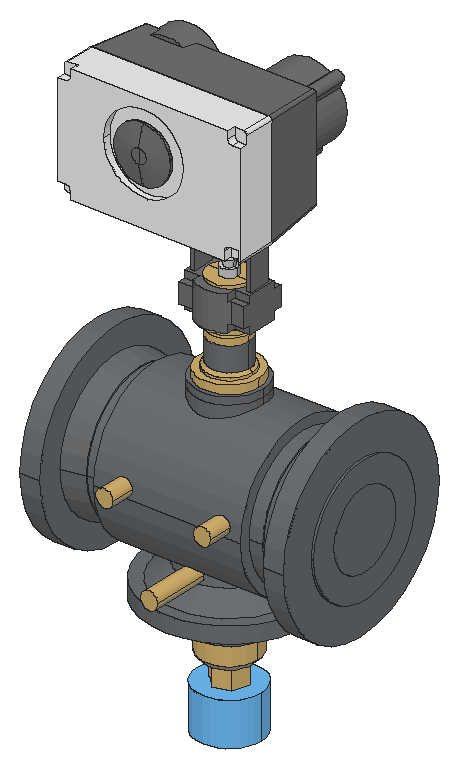
Revit family "AB-QM_DN50-100_AMV(E) 25 SD(SU)_RFA_1", category Pipe Accessories, Revit 2019
Family settings
  Round Connector Dimension = Use Diameter
  Part Type = Valve - Breaks Into
  OmniClass Number = 23.65.55.14.17
  OmniClass Title = Adjusting/Controlling Valves for Liquid Services
  Work Plane-Based = No
  Always vertical = Yes
  Cut with Voids When Loaded = No
  Shared = No
Parameters (values of type "AB-QM_DN50_003Z0772")
  ang2D [instance] = 0.00°
  Z5 = 38.4 mm
  Z4 = 84.7 mm
  Z3 = 89.1 mm
  Z2 = 52.3 mm
  Z1 = 78.7 mm
  YMAX = 82.5 mm
  Weight = 14.20 kg
  W2D = 50 mm
  W1 = if(DN < 65 mm, R1, RB10)  # 82.5 mm
  W = if(DN < 65 mm, (W1 + TP2_H), (W1 + RB10))  # 167.5 mm
  Voltage = if(or(Actuator Type = [082H3037], Actuator Type = [082H3040]), 230 V, 24 V)  # 24 V
  Valve Body Material = Danfoss Grey Iron
  URL = "https://store.danfoss.com/en/Climate-Solutions-for-heating/Hydronic-Balancing-and-Control/Pressure-independent-balancing-and-control/AB-QM/AB-QM-Valves/c/6990?q=%3Arelevance%3Adanfoss_producttypehierarchydesc%3A64b9d8b4eb1386042d41cb0d6519f866d976fa12%3Adanfoss_a50461501115_fts%3ATA1_1501116%3Adanfoss_a1389412863%3ATA16_425431%3Adanfoss_a1389412863%3ATA15_425430%3Adanfoss_a1389412863%3ATA14_425429%3Adanfoss_a1389412863%3ATA6_425421&text="
  TP_c1 = 7.5 mm
  TP_c = 57.2 mm
  TP_b = 38 mm
  TP_a = 45 mm
  TP_L = 106 mm
  TP_H = 10 mm
  TP_D = 14.6 mm
  TP_BIG = if(DN > 50 mm, 1 = 1, 1 = 0)  # no
  TP_50 = if(DN = 50 mm, 1 = 1, 1 = 0)  # yes
  TP2_W = 10 mm
  TP2_L = 20 mm
  TP2_H_1 = 1 mm
  TP2_H = 85 mm
  TP2_D = 10 mm
  TP2 = 80 mm
  TP BIG_350 = and(LOD 350, TP_BIG)  # no
  TP BIG_200 = and(LOD 200, TP_BIG)  # no
  TD = R1 * 2  # 165 mm
  Stroke = "10 mm"
  Setting Range = "40-100%"  # constant formula
  RV4 = 53.6 mm
  RV3 = 57.8 mm
  RV2 = 61.9 mm
  RV1_1 = 66 mm
  RV1 = 1 mm
  RTN_2 = 11 mm
  RTN_1 = 12.5 mm
  RTN = 17 mm
  RT5 = 2.3 mm
  RT4 = 11.6 mm
  RT3_1 = 29 mm
  RT3 = 1 mm
  RT2 = 10 mm
  RT1 = 2.9 mm
  RN12 = 7.25 mm
  RN1 = 14.5 mm
  RN = 2.3 mm
  RML = 37 mm
  RB_1 = 29 mm
  RB9 = 59.45 mm
  RB8 = 81.2 mm
  RB7 = 76.85 mm
  RB6 = 43.5 mm
  RB5 = 25.5 mm
  RB4 = 1 mm
  RB3 = 19.5 mm
  RB2 = 25 mm
  RB1_1 = 12 mm
  RB13 = 87 mm
  RB12 = 58 mm
  RB11 = 1 mm
  RB10 = 1 mm
  RB1 = 17 mm
  RB = 1 mm
  R1_3 = 1.7 mm
  R1_2 = 3 mm
  R1_1 = 4 mm
  R1 = 82.5 mm
  R = 32.5 mm
  Pressure Drop [instance] = 0.0 Pa
  Power = if(or(Actuator Type = [082H3038], Actuator Type = [082H3041]), 14 VA, 12 VA)  # 14 VA
  Nominal Pressure = "PN 16"  # constant formula
  Nominal Flow (Text) = "12500 l/h"
  Nominal Flow = 12.5 m³/h
  ND2Z = 96.32 mm
  ND2Y = 75.344 mm
  ND2X = 43.5 mm
  ND2 = 87 mm
  ND = 36.911 mm
  N1 = 15 mm
  Model Type = "AB-QM_DN50"
  Model = "003Z0772"
  Min Medium Temperature = "-10 °C"  # constant formula
  Min Differential Pressure = "30 kPa"
  Max Medium Temperature = "120 °C"  # constant formula
  Max Differential Pressure = "600 kPa"  # constant formula
  Manufacturer = "Danfoss"  # constant formula
  Maintenance Zone Under Depth [instance] = 100 mm
  Maintenance Zone Right Depth [instance] = 100 mm
  Maintenance Zone Over Depth [instance] = 100 mm
  Maintenance Zone Left Depth [instance] = 100 mm
  Maintenance Zone Front Depth [instance] = 100 mm
  Maintenance Zone Back Depth [instance] = 100 mm
  MIN__ve = -MIN  # -2 mm
  MIN = 2 mm
  MH2 = 4 mm
  MH = 2 mm
  M3 = 3 mm
  L_TP [instance] = 18.7 mm
  L_2 = 115 mm
  LV1 = 20 mm
  LOD 350 = not(LOD 200)  # yes
  LOD 200 = no
  LM_2 = 62.5 mm
  LM = 125 mm
  LL2 = 100.2 mm
  LL = 148.2 mm
  LF__ve = -LF  # -17 mm
  LF = 17 mm
  L2D_Min = 30.48 mm
  L2D = 230 mm
  L1__ve = -L1  # -3 mm
  L1 = 3 mm
  L [instance] = 230 mm
  IfcExportType = "AB-QM"  # constant formula
  IfcExportAs = "IfcValveType"  # constant formula
  Ha [instance] = 303.6 mm
  HT2 = 33.125 mm
  HT = 4 mm
  HS = 8 mm
  HH = H1 + H2  # 347.8 mm
  HE = 1.9 mm
  HB = 2 mm
  H2_9 = 8 mm
  H2_8 = 25.8 mm
  H2_7 = 3.44 mm
  H2_6_1 = 50 mm
  H2_6 = -53 mm
  H2_5 = 27 mm
  H2_4 = 11 mm
  H2_3__ve = -H2_3  # -8 mm
  H2_3 = 8 mm
  H2_2 = 6.88 mm
  H2_11 = 20.64 mm
  H2_10 = 2 mm
  H2 = 191.6 mm
  H1_6_2 = 2 mm
  H1_6_1 = 7 mm
  H1_6 = 6 mm
  H1_3_5 = 3 mm
  H1_3_4 = 7 mm
  H1_3_2 = 1.5 mm
  H1_3_3 = 6.5 mm
  H1_3_1 = 1 mm
  H1_3 = 20 mm
  H1_6_3 = 3 mm
  H1_1__ve = -H1_1  # -23 mm
  H1_1 = 23 mm
  H1N2 = 3.1 mm
  H1N1 = 5.7 mm
  H1 = 156.2 mm
  H0 = 71 mm
  H [instance] = 495.2 mm
  Flow [instance] = 0.0 m³/h
  Description = "Pressure Independent Control Valve"  # constant formula
  D1 = 185 mm
  DN = 50 mm
  D = DN  # 50 mm
  Connection = "Flange"  # constant formula
  CenSd_RTN_6 = RTN_1 * cos(30.00°)  # 10.825 mm
  CenSd_RN_6 = RN * cos(30.00°)  # 1.992 mm
  CZR = 145 mm
  Adapter Type = Adapter_AMV(E) 15(25)(35)_RFA : Adapter_AMV(E) 25_DN40-100_003Z0694
  Actuator Type = AMV(E) 25 SD(SU)_RFA : AME 25 SD_082H3038
  082H3041 = AMV(E) 25 SD(SU)_RFA : AME 25 SU_082H3041
  082H3040 = AMV(E) 25 SD(SU)_RFA : AMV 25 SU_230V_082H3040
  082H3037 = AMV(E) 25 SD(SU)_RFA : AMV 25 SD_230V_082H3037
  082H3038 = AMV(E) 25 SD(SU)_RFA : AME 25 SD_082H3038
  A1 = 4 mm  # constant formula
Reference planes
  plane 1 "Center (Front/Back)": y = 0
  plane 2 "XYPLANE": z = 0
  plane 3 "Center (Left/Right)": x = 0
  plane 4 "421": x = 113.1
  plane 5 "420": x = -113.1
  plane 6 "396": x = -36.911
  plane 7 "395": x = 36.911
  plane 8 "394": y = 36.911
  plane 9 "393": y = -36.911
  plane 10 "193": x = 40.5
  plane 11 "192": x = -40.5
  plane 12 "191": x = -60.5
  plane 13 "190": x = 60.5
  plane 14 "189": x = 75
  plane 15 "188": x = -75
  plane 16 "187": x = 62.5
  plane 17 "182": z = 137.9
  plane 18 "181": z = 135.4
  plane 19 "180": z = 126.1
  plane 20 "179": z = 114.7
  plane 21 "178": z = 109
  plane 22 "177": z = 89
  plane 23 "176": z = 86
  plane 24 "174": z = 77
  plane 25 "173": z = 71
  plane 26 "172": z = -72.3
  plane 27 "171": z = -125.48
  plane 28 "170": z = -136.48
  plane 29 "169": z = -147.48
  plane 30 "168": z = -155.48
  plane 31 "167": z = -162.36
  plane 32 "166": z = -188.16
  plane 33 "165": z = -52.3
  plane 34 "163": x = -62.5
  plane 35 "162": x = -95
  plane 36 "161": x = 95
  plane 37 "160": x = 112
  plane 38 "159": x = -112
  plane 39 "78": z = -191.6
  plane 40 "74": x = 115
  plane 41 "73": x = -115
  plane 42 "72": z = 0
  plane 43 "71": x = 0
  plane 44 "70": y = 0
  plane 45: x = -106
  plane 46: x = 106
  plane 47 "TP2": z = -80
  plane 48: y = 10
  plane 49: x = -20
  plane 50: x = -38
  plane 51: x = 45
  plane 52: z = -57.2
  plane 53: z = 7.5
  plane 54 "175": z = 84
  plane 55 "179_1": z = 120.4
  plane 56 "180_1": z = 129.2
  plane 57 "180_2": z = 132.3
  plane 58 "181_1": z = 136.4
  plane 59 "183_1": z = 144.4
  plane 60 "183_2": z = 151.4
  plane 61 "183_3": z = 152.9
  plane 62 "183_4": z = 155.9
  plane 63: x = 3
  plane 64: x = 1.7
  plane 65: z = 154.4
  plane 66: x = 4
  plane 67: x = -141.3
  plane 68: y = -85
  plane 69: y = 82.5
Forms (mm)
  Extrusion 1, solid, material "Danfoss Grey Iron" <- "Valve Body Material", detail levels fine
    sketch origin (113.1, -750, 0) x (0, 1, 0) y (0, 0, 1)
      loop
        circle (750, 0) r 32.5
    from 0 to 2 <- "MIN"
  Extrusion 2, solid, material "Danfoss Grey Iron" <- "Valve Body Material", detail levels fine
    sketch origin (-113.1, -750, 0) x (0, 1, 0) y (0, 0, 1)
      loop
        circle (750, 0) r 32.5
    from 0 to -2 <- "MIN__ve"
  Extrusion 3, solid, material "Danfoss Grey Iron" <- "Valve Body Material", visible <- "TP BIG_350", detail levels fine
    sketch origin (-750, 0, 71) x (1, 0, 0) y (0, 1, 0)
      loop
        line (712.709, -39.179) -> (714.864, -38.374) -> (715.243, -36.105) -> (713.469, -34.643) -> (711.314, -35.448) -> (710.935, -37.716) -> (712.709, -39.179)
    from 50 <- "H2_6_1" to -53 <- "H2_6"
  Extrusion 4, solid, material "Danfoss Grey Iron" <- "Valve Body Material", visible <- "TP BIG_350", detail levels fine
    sketch origin (-750, 0, 71) x (1, 0, 0) y (0, 1, 0)
      loop
        line (786.531, -39.179) -> (788.686, -38.374) -> (789.065, -36.105) -> (787.291, -34.643) -> (785.136, -35.448) -> (784.757, -37.716) -> (786.531, -39.179)
    from 50 <- "H2_6_1" to -53 <- "H2_6"
  Extrusion 5, solid, material "Danfoss Grey Iron" <- "Valve Body Material", visible <- "TP BIG_350", detail levels fine
    sketch origin (-750, 0, 71) x (1, 0, 0) y (0, 1, 0)
      loop
        line (786.531, 34.643) -> (788.686, 35.448) -> (789.065, 37.716) -> (787.291, 39.179) -> (785.136, 38.374) -> (784.757, 36.105) -> (786.531, 34.643)
    from 50 <- "H2_6_1" to -53 <- "H2_6"
  Extrusion 6, solid, material "Danfoss Grey Iron" <- "Valve Body Material", visible <- "TP BIG_350", detail levels fine
    sketch origin (-750, 0, 71) x (1, 0, 0) y (0, 1, 0)
      loop
        line (712.709, 34.643) -> (714.864, 35.448) -> (715.243, 37.716) -> (713.469, 39.179) -> (711.314, 38.374) -> (710.935, 36.105) -> (712.709, 34.643)
    from 50 <- "H2_6_1" to -53 <- "H2_6"
  Extrusion 7, solid, material "Danfoss Grey Iron" <- "Valve Body Material", visible <- "TP BIG_350", detail levels fine
    sketch origin (-750, 0, -125.48) x (1, 0, 0) y (0, 1, 0)
      loop
        circle (750, 0) r 1
    from 0 to 27 <- "H2_5"
  Blend 8, solid, material "Danfoss Grey Iron" <- "Valve Body Material", detail levels fine
    base sketch origin (62.5, -750, 0) x (0, 1, 0) y (0, 0, 1)
      loop
        circle (750, 0) r 1
    top sketch origin (62.5, -750, 0) x (0, 1, 0) y (0, 0, 1)
      loop
        circle (750, 0) r 61.9
    from 0 to -22
  Extrusion 9, solid, material "Danfoss Grey Iron" <- "Valve Body Material", detail levels fine
    sketch origin (112, -750, 0) x (0, 1, 0) y (0, 0, 1)
      loop
        circle (750, 0) r 82.5
    from 0 to -17 <- "LF__ve"
  Extrusion 10, solid, material "Danfoss Grey Iron" <- "Valve Body Material", visible <- "LOD 350", detail levels fine
    sketch origin (60.5, -750, 0) x (0, 1, 0) y (0, 0, 1)
      loop
        circle (750, 0) r 57.8
    from 0 to 14.5 <- "RN1"
  Blend 11, solid, material "Danfoss Grey Iron" <- "Valve Body Material", visible <- "LOD 350", detail levels fine
    base sketch origin (40.5, -750, 0) x (0, 1, 0) y (0, 0, 1)
      loop
        circle (750, 0) r 61.9
    top sketch origin (40.5, -750, 0) x (0, 1, 0) y (0, 0, 1)
      loop
        circle (750, 0) r 57.8
    from 0 to 20
  Blend 12, solid, material "Danfoss Grey Iron" <- "Valve Body Material", visible <- "LOD 350", detail levels fine
    base sketch origin (95, -750, 0) x (0, 1, 0) y (0, 0, 1)
      loop
        circle (750, 0) r 61.9
    top sketch origin (95, -750, 0) x (0, 1, 0) y (0, 0, 1)
      loop
        circle (750, 0) r 57.8
    from 0 to -20
  Blend 13, solid, material "Danfoss Grey Iron" <- "Valve Body Material", detail levels fine
    base sketch origin (-40.5, -750, 0) x (0, 1, 0) y (0, 0, 1)
      loop
        circle (750, 0) r 61.9
    top sketch origin (-40.5, -750, 0) x (0, 1, 0) y (0, 0, 1)
      loop
        circle (750, 0) r 1
    from 0 to -22
  Blend 14, solid, material "Danfoss Grey Iron" <- "Valve Body Material", visible <- "LOD 350", detail levels fine
    base sketch origin (-40.5, -750, 0) x (0, 1, 0) y (0, 0, 1)
      loop
        circle (750, 0) r 61.9
    top sketch origin (-40.5, -750, 0) x (0, 1, 0) y (0, 0, 1)
      loop
        circle (750, 0) r 57.8
    from 0 to -20
  Extrusion 15, solid, material "Danfoss Grey Iron" <- "Valve Body Material", visible <- "LOD 350", detail levels fine
    sketch origin (-75, -750, 0) x (0, 1, 0) y (0, 0, 1)
      loop
        circle (750, 0) r 57.8
    from 0 to 14.5 <- "RN1"
  Blend 16, solid, material "Danfoss Grey Iron" <- "Valve Body Material", visible <- "LOD 350", detail levels fine
    base sketch origin (-95, -750, 0) x (0, 1, 0) y (0, 0, 1)
      loop
        circle (750, 0) r 61.9
    top sketch origin (-95, -750, 0) x (0, 1, 0) y (0, 0, 1)
      loop
        circle (750, 0) r 57.8
    from 0 to 20
  Extrusion 17, solid, material "Danfoss Grey Iron" <- "Valve Body Material", detail levels fine
    sketch origin (-112, -750, 0) x (0, 1, 0) y (0, 0, 1)
      loop
        circle (750, 0) r 82.5
    from 0 to 17 <- "LF"
  Extrusion 18, solid, material "Danfoss Brass", visible <- "LOD 350", detail levels fine
    sketch origin (0, 0, 84) x (-1, 0, 0) y (0, -1, 0)
      loop
        circle (0, 0) r 19.5
    from 0 to 2 <- "H1_6_2"
  Extrusion 19, solid, material "Danfoss Grey Iron" <- "Valve Body Material", detail levels fine
    sketch origin (-750, 0, 71) x (1, 0, 0) y (0, 1, 0)
      loop
        circle (750, 0) r 29
    from 0 to -23 <- "H1_1__ve"
  Extrusion 20, solid, material "Danfoss Grey Iron" <- "Valve Body Material", detail levels fine
    sketch origin (-750, 0, 71) x (1, 0, 0) y (0, 1, 0)
      loop
        circle (750, 0) r 29
    from 0 to 6 <- "H1_6"
  Blend 21, solid, material "Danfoss Grey Iron" <- "Valve Body Material", visible <- "TP BIG_350", detail levels fine
    base sketch origin (-750, 0, -136.48) x (1, 0, 0) y (0, 1, 0)
      loop
        circle (750, 0) r 1
    top sketch origin (-750, 0, -136.48) x (1, 0, 0) y (0, 1, 0)
      loop
        circle (750, 0) r 1
    from 0 to 11
  Extrusion 22, solid, material "Danfoss Grey Iron" <- "Valve Body Material", visible <- "TP BIG_350", detail levels fine
    sketch origin (-750, 0, -147.48) x (1, 0, 0) y (0, 1, 0)
      loop
        circle (750, 0) r 1
    from 0 to 11 <- "H2_4"
  Extrusion 23, solid, material "Danfoss Grey Iron" <- "Valve Body Material", visible <- "TP BIG_350", detail levels fine
    sketch origin (-750, 0, -72.3) x (1, 0, 0) y (0, 1, 0)
      loop
        circle (750, 0) r 1
    from 0 to -8 <- "H2_3__ve"
  Extrusion 24, solid, material "Danfoss Brass", visible <- "LOD 350", detail levels fine
    sketch origin (-750, 0, 135.4) x (1, 0, 0) y (0, 1, 0)
      loop
        circle (750, 0) r 12.5
    from 0 to 1 <- "H1_3_1"
  Extrusion 25, solid, material "Danfoss Brass", visible <- "LOD 350", detail levels fine
    sketch origin (-750, 0, 114.7) x (1, 0, 0) y (0, 1, 0)
      loop
        line (753.024, -12.129) -> (762.016, -3.445) -> (758.992, 8.683) -> (746.976, 12.129) -> (737.984, 3.445) -> (741.008, -8.683) -> (753.024, -12.129)
    from 0 to 5.7 <- "H1N1"
  Blend 26, solid, material "Danfoss Brass", visible <- "LOD 350", detail levels fine
    base sketch origin (0, 0, 136.4) x (-1, 0, 0) y (0, -1, 0)
      loop
        circle (0, 0) r 12.5
    top sketch origin (0, 0, 136.4) x (-1, 0, 0) y (0, -1, 0)
      loop
        circle (0, 0) r 10
    from 0 to 1.5 <- "H1_3_2"
  Extrusion 27, solid, material "Danfoss Brass", visible <- "LOD 350", detail levels fine
    sketch origin (0, 0, 120.4) x (-1, 0, 0) y (0, -1, 0)
      loop
        circle (0, 0) r 12.5
    from 0 to 5.7 <- "H1N1"
  Extrusion 28, solid, material "Danfoss Brass", detail levels fine
    sketch origin (-750, 0, 109) x (1, 0, 0) y (0, 1, 0)
      loop
        circle (750, 0) r 17
    from 0 to 5.7 <- "H1N1"
  Extrusion 29, solid, material "Danfoss Grey Iron" <- "Valve Body Material", detail levels fine
    sketch origin (0, 0, 89) x (1, 0, 0) y (0, 1, 0)
      loop
        circle (0, 0) r 17
    from -5 to 20 <- "H1_3"
  Blend 30, solid, material "Danfoss Brass", visible <- "LOD 350", detail levels fine
    base sketch origin (-750, 0, 86) x (1, 0, 0) y (0, 1, 0)
      loop
        circle (750, 0) r 19.5
    top sketch origin (-750, 0, 86) x (1, 0, 0) y (0, 1, 0)
      loop
        circle (750, 0) r 17
    from 0 to 3
  Extrusion 31, solid, material "Danfoss Brass", detail levels fine
    sketch origin (-750, 0, 77) x (1, 0, 0) y (0, 1, 0)
      loop
        circle (750, 0) r 25.5
    from 0 to 7 <- "H1_6_1"
  Blend 32, solid, material "Danfoss Grey Iron" <- "Valve Body Material", visible <- "TP_BIG", detail levels fine
    base sketch origin (-750, 0, -188.16) x (1, 0, 0) y (0, 1, 0)
      loop
        circle (750, 0) r 19.5
    top sketch origin (-750, 0, -188.16) x (1, 0, 0) y (0, 1, 0)
      loop
        circle (750, 0) r 12
    from 0 to -3.44
  Extrusion 33, solid, material "Danfoss Grey Iron" <- "Valve Body Material", visible <- "TP_BIG", detail levels fine
    sketch origin (-750, 0, -188.16) x (1, 0, 0) y (0, 1, 0)
      loop
        circle (750, 0) r 19.5
    from 0 to 25.8 <- "H2_8"
  Blend 34, solid, material "Danfoss Grey Iron" <- "Valve Body Material", visible <- "TP BIG_350", detail levels fine
    base sketch origin (-750, 0, -155.48) x (1, 0, 0) y (0, 1, 0)
      loop
        circle (750, 0) r 25
    top sketch origin (-750, 0, -155.48) x (1, 0, 0) y (0, 1, 0)
      loop
        circle (750, 0) r 19.5
    from 0 to -6.88
  Blend 35, solid, material "Danfoss Grey Iron" <- "Valve Body Material", visible <- "TP BIG_350", detail levels fine
    base sketch origin (-750, 0, -147.48) x (1, 0, 0) y (0, 1, 0)
      loop
        circle (750, 0) r 1
    top sketch origin (-750, 0, -147.48) x (1, 0, 0) y (0, 1, 0)
      loop
        circle (750, 0) r 1
    from 0 to -8
  Blend 36, solid, material "Danfoss Grey Iron" <- "Valve Body Material", visible <- "TP_BIG", detail levels fine
    base sketch origin (-750, 0, -52.3) x (1, 0, 0) y (0, 1, 0)
      loop
        circle (750, 0) r 1
    top sketch origin (-750, 0, -52.3) x (1, 0, 0) y (0, 1, 0)
      loop
        circle (750, 0) r 1
    from 0 to -20
  Extrusion 37, solid, material "Danfoss Grey Iron" <- "Valve Body Material", detail levels fine
    sketch origin (115, -750, 0) x (0, 1, 0) y (0, 0, 1)
      loop
        circle (750, 0) r 53.6
    from 0 to -3 <- "L1__ve"
  Extrusion 38, solid, material "Danfoss Grey Iron" <- "Valve Body Material", detail levels fine
    sketch origin (-115, -750, 0) x (0, 1, 0) y (0, 0, 1)
      loop
        circle (750, 0) r 53.6
    from 0 to 3 <- "L1"
  Extrusion 39, solid, material "Danfoss Grey Iron" <- "Valve Body Material", detail levels fine
    sketch origin (-62.5, -750, 0) x (0, 1, 0) y (0, 0, 1)
      loop
        circle (750, 0) r 66
    from 0 to 125 <- "LM"
  Extrusion 40, solid, material "Danfoss Grey Iron" <- "Valve Body Material", not visible
    sketch origin (115, -750, 0) x (0, 1, 0) y (0, 0, 1)
      loop
        circle (750, 0) r 10
    from 0 to -10
  Extrusion 41, solid, material "Danfoss Grey Iron" <- "Valve Body Material", not visible
    sketch origin (-115, -750, 0) x (0, 1, 0) y (0, 0, 1)
      loop
        circle (750, 0) r 10
    from 0 to 10
  Extrusion 42, solid, material "Danfoss Brass", visible <- "TP_BIG", detail levels fine
    sketch origin (0, 0, 0) x (1, 0, 0) y (0, 1, 0)
      loop
        circle (-106, 0) r 7.3
      loop
        circle (106, 0) r 7.3
    from 0 to 10 <- "TP_H"
  Extrusion 43, solid, material "Danfoss Brass", visible <- "TP_BIG", detail levels fine
    sketch origin (0, 0, -80) x (0, 1, 0) y (-1, 0, 0)
      loop
        circle (10, 20) r 5
    from 0 to 1 <- "TP2_H_1"
  Extrusion 44, solid, material "Danfoss Brass", visible <- "TP_50", detail levels fine
    sketch origin (0, 0, 0) x (1, 0, 0) y (0, 0, 1)
      loop
        circle (45, 7.5) r 7.3
      loop
        circle (-38, 7.5) r 7.3
      loop
        circle (0, -57.2) r 7.3
    from 0 to 85 <- "TP2_H"
  Extrusion 45, solid, material "Danfoss Brass", visible <- "LOD 350", detail levels fine
    sketch origin (-750, 0, 126.1) x (1, 0, 0) y (0, 1, 0)
      loop
        circle (750, 0) r 11
    from 0 to 3.1 <- "H1N2"
  Extrusion 46, solid, material "Danfoss Brass", visible <- "LOD 350", detail levels fine
    sketch origin (0, 0, 129.2) x (-1, 0, 0) y (0, -1, 0)
      loop
        circle (0, 0) r 12.5
    from 0 to 3.1 <- "H1N2"
  Extrusion 47, solid, material "Danfoss Brass", visible <- "LOD 350", detail levels fine
    sketch origin (0, 0, 132.3) x (-1, 0, 0) y (0, -1, 0)
      loop
        circle (0, 0) r 11
    from 0 to 3
  Revolve 48, solid, material "Danfoss Stainless Steel", detail levels fine
    sketch origin (0, 0, 0) x (1, 0, 0) y (0, 0, 1)
      loop
        line (0, 155.9) -> (0, 144.4) -> (3, 144.4) -> (3, 151.4) -> (1.7, 151.4) -> (1.7, 152.9) -> (3, 152.9) -> (3, 154.4) -> (1.7, 155.9) -> (0, 155.9)
      axis (0, 155.9) -> (0, 144.4)
    angle from 0 to 360
  Revolve 49, solid, material "Danfoss Stainless Steel", detail levels fine
    sketch origin (0, 0, 0) x (1, 0, 0) y (0, 0, 1)
      loop
        line (0, 144.4) -> (0, 137.9) -> (4, 137.9) -> (4, 144.4) -> (0, 144.4)
      axis (0, 144.4) -> (0, 137.9)
    angle from 0 to 360
  Extrusion 50, solid, material "Danfoss Grey Iron" <- "Valve Body Material", visible <- "TP BIG_200", detail levels fine
    sketch origin (0, 0, -162.36) x (1, 0, 0) y (0, 1, 0)
      loop
        circle (0, 0) r 1
    from 0 to 32.68
  Extrusion 51, solid, material "Danfoss Grey Iron" <- "Valve Body Material", visible <- "TP BIG_200", detail levels fine
    sketch origin (-750, 0, -125.48) x (1, 0, 0) y (0, 1, 0)
      loop
        circle (750, 0) r 1
    from 0 to 53.18
  Extrusion 52, solid, material "Danfoss Brass", visible <- "LOD 200", detail levels fine
    sketch origin (0, 0, 120.4) x (-1, 0, 0) y (0, -1, 0)
      loop
        circle (0, 0) r 12.5
    from -5.7 to 17.5
  Extrusion 53, solid, material "Danfoss Grey Iron" <- "Valve Body Material", visible <- "LOD 200", detail levels fine
    sketch origin (-95, -750, 0) x (0, 1, 0) y (0, 0, 1)
      loop
        circle (750, 0) r 57.8
    from 0 to 54.5
  Extrusion 54, solid, material "Danfoss Grey Iron" <- "Valve Body Material", visible <- "LOD 200", detail levels fine
    sketch origin (95, -750, 0) x (0, 1, 0) y (0, 0, 1)
      loop
        circle (750, 0) r 57.8
    from 0 to -54.5
Lines and regions (mm)
  reference lines, not visible
    curve 1: circle (2, 2, 0) r 1 normal (0, 0, 1)
  reference lines
    curve 2: line (-36.911, -36.911, 71) -> (-32.228, -35.16, 71)
    curve 3: line (-36.911, -36.911, 71) -> (-36.086, -31.98, 71)
    curve 4: line (-36.911, -36.911, 71) -> (-40.769, -33.731, 71)
    curve 5: line (36.911, -36.911, 71) -> (41.594, -35.16, 71)
    curve 6: line (36.911, -36.911, 71) -> (37.736, -31.98, 71)
    curve 7: line (36.911, -36.911, 71) -> (33.053, -33.731, 71)
    curve 8: line (36.911, 36.911, 71) -> (41.594, 38.662, 71)
    curve 9: line (36.911, 36.911, 71) -> (37.736, 41.842, 71)
    curve 10: line (36.911, 36.911, 71) -> (33.053, 40.091, 71)
    curve 11: line (-36.911, 36.911, 71) -> (-32.228, 38.662, 71)
    curve 12: line (-36.911, 36.911, 71) -> (-36.086, 41.842, 71)
    curve 13: line (-36.911, 36.911, 71) -> (-40.769, 40.091, 71)
    curve 14: line (0, 0, 187.78) -> (-6.633, 1.902, 187.78)
    curve 15: line (0, 0, 187.78) -> (-1.669, 6.695, 187.78)
    curve 16: line (0, 0, 187.78) -> (4.963, 4.793, 187.78)
Dimensions and locks
  "HE": plane 40 "74" to plane 4 "421"
  "HE": plane 41 "73" to plane 5 "420"
  "ND": plane 43 "71" to plane 6 "396"
  "ND": plane 43 "71" to plane 7 "395"
  "ND": plane 44 "70" to plane 8 "394"
  "ND": plane 44 "70" to plane 9 "393"
  "LV1": plane 13 "190" to plane 10 "193"
  "LV1": plane 12 "191" to plane 11 "192"
  "RN1": plane 15 "188" to plane 12 "191"
  "RN1": plane 14 "189" to plane 13 "190"
  "LV1": plane 36 "161" to plane 14 "189"
  "LV1": plane 35 "162" to plane 15 "188"
  "LM_2": plane 43 "71" to plane 16 "187"
  "H1N1": plane 21 "178" to plane 20 "179"
  "H1_3": plane 22 "177" to plane 21 "178"
  "H1_6_3": plane 23 "176" to plane 22 "177"
  "H1_6": plane 25 "173" to plane 24 "174"
  "LV1": plane 33 "165" to plane 26 "172"
  "H2_4": plane 28 "170" to plane 27 "171"
  "H2_4": plane 29 "169" to plane 28 "170"
  "H2_9": plane 30 "168" to plane 29 "169"
  "H2_2": plane 31 "167" to plane 30 "168"
  "H2_8": plane 32 "166" to plane 31 "167"
  "H2_7": plane 39 "78" to plane 32 "166"
  "Z2": plane 42 "72" to plane 33 "165"
  "LM_2": plane 43 "71" to plane 34 "163"
  "LF": plane 38 "159" to plane 35 "162"
  "LF": plane 37 "160" to plane 36 "161"
  "L1": plane 40 "74" to plane 37 "160"
  "L1": plane 41 "73" to plane 38 "159"
  "H2": plane 2 "XYPLANE" to plane 39 "78"
  "L_2": plane 3 "Center (Left/Right)" to plane 40 "74"
  "L_2": plane 3 "Center (Left/Right)" to plane 41 "73"
  locked: plane 2 "XYPLANE" to plane 42 "72"
  locked: plane 3 "Center (Left/Right)" to plane 43 "71"
  locked: plane 1 "Center (Front/Back)" to plane 44 "70"
  "CenSd_RN_6": curve 2 to Extrusion 3 sketch curve  (x2)
  "CenSd_RN_6": curve 3 to Extrusion 3 sketch curve  (x2)
  "CenSd_RN_6": curve 4 to Extrusion 3 sketch curve  (x2)
  Extrusion 3 sketch curve to Extrusion 3 sketch curve = 0 mm  (x12)
  "CenSd_RN_6": curve 5 to Extrusion 4 sketch curve  (x2)
  "CenSd_RN_6": curve 6 to Extrusion 4 sketch curve  (x2)
  "CenSd_RN_6": curve 7 to Extrusion 4 sketch curve  (x2)
  Extrusion 4 sketch curve to Extrusion 4 sketch curve = 0 mm  (x12)
  "CenSd_RN_6": curve 8 to Extrusion 5 sketch curve  (x2)
  "CenSd_RN_6": curve 9 to Extrusion 5 sketch curve  (x2)
  "CenSd_RN_6": curve 10 to Extrusion 5 sketch curve  (x2)
  Extrusion 5 sketch curve to Extrusion 5 sketch curve = 0 mm  (x12)
  "CenSd_RN_6": curve 11 to Extrusion 6 sketch curve  (x2)
  "CenSd_RN_6": curve 12 to Extrusion 6 sketch curve  (x2)
  "CenSd_RN_6": curve 13 to Extrusion 6 sketch curve  (x2)
  Extrusion 6 sketch curve to Extrusion 6 sketch curve = 0 mm  (x12)
  "CenSd_RTN_6": curve 14 to Extrusion 25 sketch curve  (x2)
  "CenSd_RTN_6": curve 15 to Extrusion 25 sketch curve  (x2)
  "CenSd_RTN_6": curve 16 to Extrusion 25 sketch curve  (x2)
  Extrusion 25 sketch curve to Extrusion 25 sketch curve = 0 mm  (x12)
  "TP2": level to plane 47 "TP2"
  "TP2_W": plane 48 to plane 44 "70"
  "TP2_L": plane 49 to plane 3 "Center (Left/Right)"
  "TP_L": plane 45 to plane 3 "Center (Left/Right)" to plane 46
  "TP_a": plane 51 to plane 3 "Center (Left/Right)"
  "TP_b": plane 3 "Center (Left/Right)" to plane 50
  "TP_c": plane 52 to level
  "TP_c1": level to plane 53
  "H1_6_1": plane 54 "175" to plane 24 "174"
  "H1_6_2": plane 23 "176" to plane 54 "175"
  "H1N1": plane 19 "180" to plane 55 "179_1"
  "H1N1": plane 55 "179_1" to plane 20 "179"
  "H1N2": plane 56 "180_1" to plane 19 "180"
  "H1N2": plane 57 "180_2" to plane 56 "180_1"
  "H1N2": plane 18 "181" to plane 57 "180_2"
  "H1_3_2": plane 17 "182" to plane 58 "181_1"
  "H1_3_1": plane 58 "181_1" to plane 18 "181"
  "H1_3_3": plane 59 "183_1" to plane 17 "182"
  "H1_3_4": plane 60 "183_2" to plane 59 "183_1"
  "H1_3_2": plane 61 "183_3" to plane 60 "183_2"
  "H1_3_5": plane 62 "183_4" to plane 61 "183_3"
  equal spacing: plane 62 "183_4", plane 65, plane 61 "183_3"
  "H0": plane 25 "173" to level
  plane 62 "183_4" to level = 155.9 mm
  level to plane 39 "78" = 191.6 mm
  "L": plane 40 "74" to plane 41 "73"
  "A1": plane 66 to plane 43 "71"
  plane 40 "74" to plane 3 "Center (Left/Right)" = 115 mm
  plane 3 "Center (Left/Right)" to plane 41 "73" = 115 mm
  "W1": plane 1 "Center (Front/Back)" to plane 69
  "W": plane 68 to plane 69
  locked: nested 4 to plane 20 "179" at 8.9
  "Ha": nested 4 to level
  "H": nested 4 to plane 39 "78"
  "R": radius of Extrusion 1 sketch curve
  "R": radius of Extrusion 2 sketch curve
  "RB": radius of Extrusion 7 sketch curve
  "RV2": radius of Blend 8 sketch curve
  "RV1": radius of Blend 8 sketch curve
  "R1": radius of Extrusion 9 sketch curve
  "RV3": radius of Extrusion 10 sketch curve
  "RV3": radius of Blend 11 sketch curve
  "RV2": radius of Blend 11 sketch curve
  "RV3": radius of Blend 12 sketch curve
  "RV2": radius of Blend 12 sketch curve
  "RV1": radius of Blend 13 sketch curve
  "RV2": radius of Blend 13 sketch curve
  "RV3": radius of Blend 14 sketch curve
  "RV2": radius of Blend 14 sketch curve
  "RV3": radius of Extrusion 15 sketch curve
  "RV3": radius of Blend 16 sketch curve
  "RV2": radius of Blend 16 sketch curve
  "R1": radius of Extrusion 17 sketch curve
  "RB3": radius of Extrusion 18 sketch curve
  "RB_1": radius of Extrusion 19 sketch curve
  "RT3_1": radius of Extrusion 20 sketch curve
  "RB4": radius of Blend 21 sketch curve
  "RT3": radius of Blend 21 sketch curve
  "RT3": radius of Extrusion 22 sketch curve
  "RB10": radius of Extrusion 23 sketch curve
  "RTN_1": radius of Extrusion 24 sketch curve
  "RT2": radius of Blend 26 sketch curve
  "RTN_1": radius of Blend 26 sketch curve
  "RTN_1": radius of Extrusion 27 sketch curve
  "RB1": radius of Extrusion 28 sketch curve
  "RTN": radius of Extrusion 29 sketch curve
  "RTN": radius of Blend 30 sketch curve
  "RB3": radius of Blend 30 sketch curve
  "RB5": radius of Extrusion 31 sketch curve
  "RB1_1": radius of Blend 32 sketch curve
  "RB3": radius of Blend 32 sketch curve
  "RB3": radius of Extrusion 33 sketch curve
  "RB3": radius of Blend 34 sketch curve
  "RB2": radius of Blend 34 sketch curve
  "RB11": radius of Blend 35 sketch curve
  "RT3": radius of Blend 35 sketch curve
  "RB10": radius of Blend 36 sketch curve
  "RV1": radius of Blend 36 sketch curve
  "RV4": radius of Extrusion 37 sketch curve
  "RV4": radius of Extrusion 38 sketch curve
  "RV1_1": radius of Extrusion 39 sketch curve
  "TP_D": diameter of Extrusion 42 sketch curve  (x2)
  "TP2_D": diameter of Extrusion 43 sketch curve
  "TP_D": diameter of Extrusion 44 sketch curve  (x3)
  "RTN_2": radius of Extrusion 45 sketch curve
  "RTN_1": radius of Extrusion 46 sketch curve
  "RTN_2": radius of Extrusion 47 sketch curve
  "RT3": radius of Extrusion 50 sketch curve
  "RB10": radius of Extrusion 51 sketch curve
  "RTN_1": radius of Extrusion 52 sketch curve
  "RV3": radius of Extrusion 53 sketch curve
  "RV3": radius of Extrusion 54 sketch curve
  locked: curve 3 to curve 2 (angle 60.00°)
  locked: curve 4 to curve 3 (angle 60.00°)
  locked: curve 4 to curve 2 (angle 120.00°)
  locked: curve 6 to curve 5 (angle 60.00°)
  locked: curve 7 to curve 6 (angle 60.00°)
  locked: curve 7 to curve 5 (angle 120.00°)
  locked: curve 9 to curve 8 (angle 60.00°)
  locked: curve 10 to curve 9 (angle 60.00°)
  locked: curve 10 to curve 8 (angle 120.00°)
  locked: curve 12 to curve 11 (angle 60.00°)
  locked: curve 13 to curve 12 (angle 60.00°)
  locked: curve 13 to curve 11 (angle 120.00°)
  locked: curve 15 to curve 14 (angle 60.00°)
  locked: curve 16 to curve 15 (angle 60.00°)
  locked: curve 16 to curve 14 (angle 120.00°)
  aligned and locked: level to plane 2 "XYPLANE"
  aligned and locked: plane 42 "72" to Extrusion 1 sketch curve
  aligned and locked: Extrusion 1 sketch curve to plane 44 "70"
  aligned and locked: plane 42 "72" to Extrusion 2 sketch curve
  aligned and locked: Extrusion 2 sketch curve to plane 44 "70"
  aligned and locked: plane 9 "393" to curve 3
  aligned and locked: plane 6 "396" to curve 4
  aligned and locked: plane 7 "395" to curve 6
  aligned and locked: plane 9 "393" to curve 6
  aligned and locked: plane 7 "395" to curve 8
  aligned and locked: plane 8 "394" to curve 8
  aligned and locked: plane 6 "396" to curve 11
  aligned and locked: plane 8 "394" to curve 13
  aligned and locked: plane 43 "71" to Extrusion 7 sketch curve
  aligned and locked: plane 44 "70" to Extrusion 7 sketch curve
  aligned and locked: plane 42 "72" to Blend 8 sketch curve  (x2)
  aligned and locked: Blend 8 sketch curve to plane 44 "70"  (x2)
  aligned and locked: plane 10 "193" to Blend 8
  aligned and locked: plane 42 "72" to Extrusion 9 sketch curve
  aligned and locked: Extrusion 9 sketch curve to plane 44 "70"
  aligned and locked: plane 42 "72" to Extrusion 10 sketch curve
  aligned and locked: Extrusion 10 sketch curve to plane 44 "70"
  aligned and locked: plane 42 "72" to Blend 11 sketch curve  (x2)
  aligned and locked: Blend 11 sketch curve to plane 44 "70"  (x2)
  aligned and locked: plane 13 "190" to Blend 11
  aligned and locked: plane 42 "72" to Blend 12 sketch curve  (x2)
  aligned and locked: Blend 12 sketch curve to plane 44 "70"  (x2)
  aligned and locked: Blend 12 to plane 14 "189"
  aligned and locked: plane 42 "72" to Blend 13 sketch curve  (x2)
  aligned and locked: Blend 13 sketch curve to plane 44 "70"  (x2)
  aligned and locked: plane 34 "163" to Blend 13
  aligned and locked: plane 42 "72" to Blend 14 sketch curve  (x2)
  aligned and locked: Blend 14 sketch curve to plane 44 "70"  (x2)
  aligned and locked: Blend 14 to plane 12 "191"
  aligned and locked: plane 42 "72" to Extrusion 15 sketch curve
  aligned and locked: Extrusion 15 sketch curve to plane 44 "70"
  aligned and locked: plane 42 "72" to Blend 16 sketch curve  (x2)
  aligned and locked: Blend 16 sketch curve to plane 44 "70"  (x2)
  aligned and locked: plane 15 "188" to Blend 16
  aligned and locked: plane 42 "72" to Extrusion 17 sketch curve
  aligned and locked: Extrusion 17 sketch curve to plane 44 "70"
  aligned and locked: plane 43 "71" to Extrusion 18 sketch curve
  aligned and locked: plane 44 "70" to Extrusion 18 sketch curve
  aligned and locked: plane 43 "71" to Extrusion 19 sketch curve
  aligned and locked: plane 44 "70" to Extrusion 19 sketch curve
  aligned and locked: plane 43 "71" to Extrusion 20 sketch curve
  aligned and locked: plane 44 "70" to Extrusion 20 sketch curve
  aligned and locked: plane 43 "71" to Blend 21 sketch curve  (x2)
  aligned and locked: plane 44 "70" to Blend 21 sketch curve  (x2)
  aligned and locked: plane 27 "171" to Blend 21
  aligned and locked: plane 43 "71" to Extrusion 22 sketch curve
  aligned and locked: plane 44 "70" to Extrusion 22 sketch curve
  aligned and locked: plane 43 "71" to Extrusion 23 sketch curve
  aligned and locked: plane 44 "70" to Extrusion 23 sketch curve
  aligned and locked: plane 43 "71" to Extrusion 24 sketch curve
  aligned and locked: plane 44 "70" to Extrusion 24 sketch curve
  aligned and locked: plane 44 "70" to curve 15
  aligned and locked: plane 43 "71" to curve 16
  aligned and locked: plane 43 "71" to Blend 26 sketch curve  (x2)
  aligned and locked: plane 44 "70" to Blend 26 sketch curve  (x2)
  aligned and locked: plane 43 "71" to Extrusion 27 sketch curve
  aligned and locked: plane 44 "70" to Extrusion 27 sketch curve
  aligned and locked: plane 43 "71" to Extrusion 28 sketch curve
  aligned and locked: plane 44 "70" to Extrusion 28 sketch curve
  aligned and locked: plane 43 "71" to Extrusion 29 sketch curve
  aligned and locked: plane 44 "70" to Extrusion 29 sketch curve
  aligned and locked: plane 43 "71" to Blend 30 sketch curve  (x2)
  aligned and locked: plane 44 "70" to Blend 30 sketch curve  (x2)
  aligned and locked: plane 22 "177" to Blend 30
  aligned and locked: plane 43 "71" to Extrusion 31 sketch curve
  aligned and locked: plane 44 "70" to Extrusion 31 sketch curve
  aligned and locked: plane 43 "71" to Blend 32 sketch curve  (x2)
  aligned and locked: plane 44 "70" to Blend 32 sketch curve  (x2)
  aligned and locked: Blend 32 to plane 39 "78"
  aligned and locked: plane 43 "71" to Extrusion 33 sketch curve
  aligned and locked: plane 44 "70" to Extrusion 33 sketch curve
  aligned and locked: plane 43 "71" to Blend 34 sketch curve  (x2)
  aligned and locked: plane 44 "70" to Blend 34 sketch curve  (x2)
  aligned and locked: Blend 34 to plane 31 "167"
  aligned and locked: plane 43 "71" to Blend 35 sketch curve  (x2)
  aligned and locked: plane 44 "70" to Blend 35 sketch curve  (x2)
  aligned and locked: Blend 35 to plane 30 "168"
  aligned and locked: plane 43 "71" to Blend 36 sketch curve  (x2)
  aligned and locked: plane 44 "70" to Blend 36 sketch curve  (x2)
  aligned and locked: Blend 36 to plane 26 "172"
  aligned and locked: plane 42 "72" to Extrusion 37 sketch curve
  aligned and locked: Extrusion 37 sketch curve to plane 44 "70"
  aligned and locked: plane 42 "72" to Extrusion 38 sketch curve
  aligned and locked: Extrusion 38 sketch curve to plane 44 "70"
  aligned and locked: plane 42 "72" to Extrusion 39 sketch curve
  aligned and locked: Extrusion 39 sketch curve to plane 44 "70"
  aligned and locked: plane 42 "72" to Extrusion 40 sketch curve
  aligned and locked: Extrusion 40 sketch curve to plane 44 "70"
  aligned and locked: plane 42 "72" to Extrusion 41 sketch curve
  aligned and locked: Extrusion 41 sketch curve to plane 44 "70"
  aligned and locked: Revolve 48 sketch curve to plane 43 "71"  (x2)
  aligned and locked: Revolve 48 sketch curve to plane 63  (x2)
  aligned and locked: Revolve 48 sketch curve to plane 64
  aligned and locked: Revolve 48 sketch curve to plane 59 "183_1"
  aligned and locked: Revolve 48 sketch curve to plane 60 "183_2"
  aligned and locked: Revolve 48 sketch curve to plane 61 "183_3"
  aligned and locked: Revolve 48 sketch curve to plane 62 "183_4"
  aligned and locked: plane 64 to Revolve 48 sketch curve
  aligned and locked: plane 65 to Revolve 48 sketch curve
  aligned and locked: plane 59 "183_1" to Revolve 48 sketch curve
  aligned and locked: Revolve 49 sketch curve to plane 59 "183_1"
  aligned and locked: Revolve 49 sketch curve to plane 66
  aligned and locked: Revolve 49 sketch curve to plane 43 "71"
  aligned and locked: Revolve 49 sketch curve to plane 17 "182"
  aligned and locked: plane 60 "183_2" to Revolve 49 sketch curve
  aligned and locked: plane 17 "182" to Revolve 49 sketch curve
  aligned and locked: plane 26 "172" to Extrusion 51
  aligned and locked: Extrusion 53 to plane 11 "192"
  aligned and locked: Extrusion 54 to plane 10 "193"
  aligned and locked: plane 3 "Center (Left/Right)" to nested 1
  aligned and locked: nested 1 to plane 39 "78"
  aligned and locked: plane 1 "Center (Front/Back)" to nested 2
  aligned and locked: plane 3 "Center (Left/Right)" to nested 2
  aligned and locked: plane 3 "Center (Left/Right)" to nested 3
  aligned and locked: Extrusion 18 to Extrusion 29
  aligned and locked: Extrusion 52 to plane 20 "179"
  aligned and locked: nested 3 to plane 55 "179_1"
  aligned and locked: plane 1 "Center (Front/Back)" to nested 3
  aligned and locked: plane 1 "Center (Front/Back)" to nested 4
  aligned and locked: plane 3 "Center (Left/Right)" to nested 4
Automatic sketch dimensions
  plane 6 "396" to curve 3 = 0.825 mm
  plane 7 "395" to curve 6 = 0.825 mm
  plane 7 "395" to curve 9 = 0.825 mm
  plane 6 "396" to curve 12 = 0.825 mm
  curve 15 to plane 3 "Center (Left/Right)" = 1.669 mm
  plane 1 "Center (Front/Back)" to Extrusion 40 sketch curve = 10 mm
  plane 1 "Center (Front/Back)" to Extrusion 41 sketch curve = 10 mm
  plane 3 "Center (Left/Right)" to curve 1 = 2 mm
  curve 1 to plane 1 "Center (Front/Back)" = 2 mm
  plane 62 "183_4" to Revolve 48 sketch curve = 8938.54 mm
  plane 1 "Center (Front/Back)" to Extrusion 42 sketch curve = 0 mm  (x2)
  Extrusion 42 sketch curve to plane 45 = 0 mm
  Extrusion 42 sketch curve to plane 46 = 0 mm
  Extrusion 43 sketch curve to plane 48 = 0 mm
  Extrusion 43 sketch curve to plane 49 = 0 mm
  Extrusion 44 sketch curve to plane 50 = 0 mm
  Extrusion 44 sketch curve to plane 3 "Center (Left/Right)" = 0 mm
  Extrusion 44 sketch curve to plane 51 = 0 mm
  Extrusion 44 sketch curve to plane 52 = 0 mm
  Extrusion 44 sketch curve to plane 53 = 0 mm  (x2)
  plane 1 "Center (Front/Back)" to Extrusion 45 sketch curve = 0 mm
  Extrusion 45 sketch curve to plane 3 "Center (Left/Right)" = 0 mm
  plane 1 "Center (Front/Back)" to Extrusion 46 sketch curve = 0 mm
  Extrusion 46 sketch curve to plane 3 "Center (Left/Right)" = 0 mm
  plane 1 "Center (Front/Back)" to Extrusion 47 sketch curve = 0 mm
  Extrusion 47 sketch curve to plane 3 "Center (Left/Right)" = 0 mm
  Revolve 49 sketch curve to plane 3 "Center (Left/Right)" = 0 mm
  plane 1 "Center (Front/Back)" to Extrusion 50 sketch curve = 0 mm
  Extrusion 50 sketch curve to plane 3 "Center (Left/Right)" = 0 mm
  plane 1 "Center (Front/Back)" to Extrusion 51 sketch curve = 0 mm
  Extrusion 51 sketch curve to plane 3 "Center (Left/Right)" = 0 mm
  plane 1 "Center (Front/Back)" to Extrusion 52 sketch curve = 0 mm
  Extrusion 52 sketch curve to plane 3 "Center (Left/Right)" = 0 mm
  Extrusion 53 sketch curve to level = 0 mm
  Extrusion 53 sketch curve to plane 1 "Center (Front/Back)" = 0 mm
  Extrusion 54 sketch curve to level = 0 mm
  Extrusion 54 sketch curve to plane 1 "Center (Front/Back)" = 0 mm
  radius of curve 1 = 1 mm
Nested families
  nested 1: "AB-QM_DN50" at (0, 0, 0.4), visible <- "TP_50", type "AB-QM_DN50", detail levels fine
    with ang2D 0.00°
  nested 2: "Schematic_PICV_Actuator_Flange" at (0, 0, 0), type "Schematic_PICV_Actuator_Flange", detail levels coarse+medium
  nested 3: "Adapter_AMV(E) 15(25)(35)_RFA" at (0, 0, 120.4), type <- "Adapter Type", type "Adapter_AMV(E) 25_DN40-100_003Z0694", detail levels fine
  nested 4: "AMV(E) 25 SD(SU)_RFA" at (0, 0, 123.6), type <- "Actuator Type", type "AME 25 SD_082H3038", detail levels fine
    with Voltage 24 V, Power 14 VA, LOD 350 yes, LOD 200 no
Connectors
  piping at (-115, 0, 0), diameter 50, driven by "D", driven by "Flow"
    settings: on Extrusion 41, index 1, connector inside diameter 609.6 mm, connector length 0 mm, flow factor 0, pipe flow 0.0 m³/h, pressure drop 0.0 Pa, fitting loss kfactor 0, connector angle 0.00°, fixture units 0, engagement length 0 mm, angle of deflection 0.00°, flow configuration 0, flow direction 2, fitting loss method 0, system type 29, joint type 0, gender type 0, connector reference index 2, connector utility 0, adjustable connector no, is connector primary yes, connector description ""
  piping at (115, 0, 0), diameter 50, driven by "D", driven by "Flow"
    settings: on Extrusion 40, index 2, connector inside diameter 609.6 mm, connector length 0 mm, flow factor 0, pipe flow 0.0 m³/h, pressure drop 0.0 Pa, fitting loss kfactor 0, connector angle 0.00°, fixture units 0, engagement length 0 mm, angle of deflection 0.00°, flow configuration 0, flow direction 1, fitting loss method 0, system type 29, joint type 0, gender type 0, connector reference index 1, connector utility 0, adjustable connector no, is connector primary no, connector description ""
  electrical at (0, 0, 0), driven by "Voltage", driven by "Power"
    settings: index 3, voltage 24 V, apparent load 0 VA, apparent load phase1 14 VA, apparent load phase2 0 VA, apparent load phase3 0 VA, power factor 0.95, load classification "HVAC", number of poles 1, system type 31, power factor state 1, is connector primary yes, connector utility no, sub classification motor no, connector description ""
Definition of nested family "AB-QM_DN50"
  Parameters (values of type "AB-QM_ANSI_2"_External_003Z0781")
    ang2D [instance] = 0.00°
    Z2 = 4 mm
    Z1 = 1 mm
    XT = 1.9 mm
    W2D = 40 mm
    W = 146 mm
    Valve Body Material = none
    URL = "https://store.danfoss.com/en/Climate-Solutions-for-heating/Hydronic-Balancing-and-Control/Pressure-independent-balancing-and-control/AB-QM/AB-QM-Valves/c/6990?q=%3Arelevance%3Adanfoss_producttypehierarchydesc%3A64b9d8b4eb1386042d41cb0d6519f866d976fa12%3Adanfoss_a50461501115_fts%3ATA1_1501116%3Adanfoss_a1389412863%3ATA16_425431%3Adanfoss_a1389412863%3ATA15_425430%3Adanfoss_a1389412863%3ATA14_425429%3Adanfoss_a1389412863%3ATA6_425421&text="
    TP_W = 90 mm
    TP_R1 = 13.541 mm
    TP_L = 52 mm
    TP_D = 14.359 mm
    RTN = 7 mm
    RT3 = 16.9 mm
    RT2 = 4 mm
    RT1 = 3.2 mm
    RN1_1 = 14.5 mm
    RN1 = 12.5 mm
    RM = 48 mm
    RH = 7.5 mm
    RB9 = 36.4 mm
    RB8 = 67.6 mm
    RB7 = 44.2 mm
    RB6 = 57.2 mm
    RB5_1 = 37 mm
    RB5 = 29.5 mm
    RB4 = 35.1 mm
    RB3_1 = 20 mm
    RB3 = 12.5 mm
    RB2_6 = 27 mm
    RB2_1 = 24 mm
    RB2 = 13.5 mm
    RB10 = 39 mm
    RB = 27.3 mm
    R2 = 56 mm
    R1 = 38 mm
    R = 20 mm
    Model = "003Z0781"
    Manufacturer = "Danfoss"  # constant formula
    MIN__ve = -MIN  # -2 mm
    MIN = 2 mm
    LOD 350 = not(LOD 200)  # yes
    LOD 200 = no
    LM_4 = 23.4 mm
    LM = 93.6 mm
    L2D_Min = 30.48 mm
    L2D = 130 mm
    L1__ve = -L1  # -21.5 mm
    L1 = 21.5 mm
    L = 130 mm
    HT__ve = -HT  # -13.5 mm
    HT = 13.5 mm
    HO1__ve = -HO1  # -54.66 mm
    HO1 = 54.66 mm
    HH = 20 mm
    HB = 18.6 mm
    H2_6 = 48.6 mm
    H2_5 = 13 mm
    H2_4 = 7 mm
    H2_3 = 13.44 mm
    H2_2 = 4.5 mm
    H2_1 = 36.5 mm
    H2N = 19.2 mm
    H2 = 192 mm
    H1_5__ve = -H1_5  # -25 mm
    H1_5 = 25 mm
    H1_4__ve = -H1_4  # -4.8 mm
    H1_4 = 4.8 mm
    H1_3__ve = -H1_3  # -13 mm
    H1_3 = 13 mm
    H1_2 = 2 mm
    H1_1 = 2.5 mm
    H1N__ve = -H1N  # -3 mm
    H1N3__ve = -H1N3  # -13.92 mm
    H1N3 = 13.92 mm
    H1N2__ve = -H1N2  # -7 mm
    H1N2 = 7 mm
    H1N = 3 mm
    H1 = 156 mm
    H = 348 mm
    Description = "AB-QM_DN50"
    D1 = 65 mm
    D = 50 mm
    CenSd_RN1_6 = RN1_1 * cos(30.00°)  # 12.557 mm
    CenSd_RB5_6 = RB5 * cos(30.00°)  # 25.548 mm
    CenSd_RB2_6 = RB2_6 * cos(30.00°)  # 23.383 mm
  Reference planes
    plane 1 "Center (Front/Back)": y = 0
    plane 2 "XYPLANE": z = 0
    plane 3 "Center (Left/Right)": x = 0
    plane 4 "123": x = 63.1
    plane 5 "120": x = -63.1
    plane 6 "102": x = -43.5
    plane 7 "101": z = 56.48
    plane 8 "100": z = 70.4
    plane 9 "99": z = 77.4
    plane 10 "98": z = 84.4
    plane 11 "97": z = 89.2
    plane 12 "96": z = 114.2
    plane 13 "95": z = 119
    plane 14 "94": z = 132
    plane 15 "93": z = 134
    plane 16 "92": z = 137
    plane 17 "91": z = 140
    plane 18 "90": z = 153.5
    plane 19 "89": z = 156
    plane 20 "88": z = -50.32
    plane 21 "87": z = -63.32
    plane 22 "86": z = -76.32
    plane 23 "85": z = -89.76
    plane 24 "84": z = -96.76
    plane 25 "83": z = -99.76
    plane 26 "82": z = -113.2
    plane 27 "81": z = -131.8
    plane 28 "80": z = -136.3
    plane 29 "79": z = -155.5
    plane 30 "78": z = -192
    plane 31 "74": x = 65
    plane 32 "73": x = -65
    plane 33 "72": z = 0
    plane 34 "71": x = 0
    plane 35 "70": y = 0
    plane 36: z = 14.66
    plane 37: z = 7.16
    plane 38: z = -57.62
    plane 39: x = -26
    plane 40: x = 26
    plane 41: x = 43.5
    plane 42: y = 90
    plane 43: y = -56
  Forms (mm)
    Extrusion 1, solid, detail levels fine
      sketch origin (-750, 0, -192) x (1, 0, 0) y (0, 1, 0)
        loop
          circle (750, 0) r 27.3
      from 0 to 36.5
    Extrusion 2, solid, detail levels fine
      sketch origin (-750, 0, -155.5) x (1, 0, 0) y (0, 1, 0)
        loop
          line (746.492, -14.069) -> (760.43, -10.073) -> (763.938, 3.997) -> (753.508, 14.069) -> (739.57, 10.073) -> (736.062, -3.997) -> (746.492, -14.069)
      from 0 to 19.2
    Blend 3, solid, detail levels fine
      base sketch origin (-750, 0, -131.8) x (1, 0, 0) y (0, 1, 0)
        loop
          circle (750, 0) r 24
      top sketch origin (-750, 0, -131.8) x (1, 0, 0) y (0, 1, 0)
        loop
          circle (750, 0) r 20
      from 0 to -4.5
    Extrusion 4, solid, detail levels fine
      sketch origin (-750, 0, -131.8) x (1, 0, 0) y (0, 1, 0)
        loop
          circle (750, 0) r 24
      from 0 to 18.6
    Extrusion 5, solid, material <- "Valve Body Material", visible <- "LOD 350", detail levels fine
      sketch origin (-750, 0, -113.2) x (1, 0, 0) y (0, 1, 0)
        loop
          circle (750, 0) r 29.5
      from 0 to 13.44
    Blend 6, solid, material <- "Valve Body Material", visible <- "LOD 350", detail levels fine
      base sketch origin (-750, 0, -96.76) x (1, 0, 0) y (0, 1, 0)
        loop
          circle (750, 0) r 35.1
      top sketch origin (-750, 0, -96.76) x (1, 0, 0) y (0, 1, 0)
        loop
          circle (750, 0) r 29.5
      from 0 to -3
    Blend 7, solid, material <- "Valve Body Material", visible <- "LOD 350", detail levels fine
      base sketch origin (-750, 0, -89.76) x (1, 0, 0) y (0, 1, 0)
        loop
          circle (750, 0) r 57.2
      top sketch origin (-750, 0, -89.76) x (1, 0, 0) y (0, 1, 0)
        loop
          circle (750, 0) r 44.2
      from 0 to -7
    Extrusion 8, solid, material <- "Valve Body Material", visible <- "LOD 350", detail levels fine
      sketch origin (-750, 0, -89.76) x (1, 0, 0) y (0, 1, 0)
        loop
          circle (750, 0) r 67.6
      from 0 to 13.44
    Blend 9, solid, material <- "Valve Body Material", visible <- "LOD 350", detail levels fine
      base sketch origin (-750, 0, -63.32) x (1, 0, 0) y (0, 1, 0)
        loop
          circle (750, 0) r 39
      top sketch origin (-750, 0, -63.32) x (1, 0, 0) y (0, 1, 0)
        loop
          circle (750, 0) r 57.2
      from 0 to -13
    Blend 10, solid, material <- "Valve Body Material", visible <- "LOD 350", detail levels fine
      base sketch origin (-750, 0, -50.32) x (1, 0, 0) y (0, 1, 0)
        loop
          circle (750, 0) r 36.4
      top sketch origin (-750, 0, -50.32) x (1, 0, 0) y (0, 1, 0)
        loop
          circle (750, 0) r 39
      from 0 to -13
    Extrusion 11, solid, material <- "Valve Body Material", visible <- "LOD 200", detail levels fine
      sketch origin (-750, 0, 56.48) x (1, 0, 0) y (0, 1, 0)
        loop
          circle (750, 0) r 67.6
      from -153.24 to -119.8
    Extrusion 12, solid, material <- "Valve Body Material", visible <- "LOD 200", detail levels fine
      sketch origin (-750, 0, 56.48) x (1, 0, 0) y (0, 1, 0)
        loop
          circle (750, 0) r 36.4
      from -169.68 to -56.48
  Lines and regions (mm)
    reference lines, not visible
      curve 1: circle (2, 2, 0) r 1 normal (0, 0, 1)
    reference lines
      curve 2: line (0, 0, -155.5) -> (6.873, 1.971, -155.5)
      curve 3: line (0, 0, -155.5) -> (1.73, 6.938, -155.5)
      curve 4: line (0, 0, -155.5) -> (-5.143, 4.967, -155.5)
  Dimensions and locks
    plane 1 "Center (Front/Back)" to curve 1 = 2 mm
    "XT": plane 31 "74" to plane 4 "123"
    "XT": plane 32 "73" to plane 5 "120"
    "L1": plane 32 "73" to plane 6 "102"
    "H1N3": plane 8 "100" to plane 7 "101"
    "H1N2": plane 9 "99" to plane 8 "100"
    "H1N2": plane 10 "98" to plane 9 "99"
    "H1_4": plane 11 "97" to plane 10 "98"
    "H1_5": plane 12 "96" to plane 11 "97"
    "H1_4": plane 13 "95" to plane 12 "96"
    "H1_3": plane 14 "94" to plane 13 "95"
    "H1_2": plane 15 "93" to plane 14 "94"
    "H1N": plane 16 "92" to plane 15 "93"
    "H1N": plane 17 "91" to plane 16 "92"
    "HT": plane 18 "90" to plane 17 "91"
    "H1_1": plane 19 "89" to plane 18 "90"
    "H2_5": plane 21 "87" to plane 20 "88"
    "H2_5": plane 22 "86" to plane 21 "87"
    "H2_3": plane 23 "85" to plane 22 "86"
    "H2_4": plane 24 "84" to plane 23 "85"
    "H1N": plane 25 "83" to plane 24 "84"
    "H2_3": plane 26 "82" to plane 25 "83"
    "HB": plane 27 "81" to plane 26 "82"
    "H2_2": plane 28 "80" to plane 27 "81"
    "H2N": plane 29 "79" to plane 28 "80"
    "H2_1": plane 30 "78" to plane 29 "79"
    "H2": plane 2 "XYPLANE" to plane 30 "78"
    locked: plane 2 "XYPLANE" to plane 33 "72"
    locked: plane 3 "Center (Left/Right)" to plane 34 "71"
    locked: plane 1 "Center (Front/Back)" to plane 35 "70"
    "CenSd_RN1_6": curve 2 to Extrusion 2 sketch curve  (x2)
    "CenSd_RN1_6": curve 3 to Extrusion 2 sketch curve  (x2)
    "CenSd_RN1_6": curve 4 to Extrusion 2 sketch curve  (x2)
    Extrusion 2 sketch curve to Extrusion 2 sketch curve = 0 mm  (x12)
    "L1": plane 41 to plane 31 "74"
    "L": plane 32 "73" to plane 31 "74"
    equal spacing: plane 32 "73", plane 3 "Center (Left/Right)", plane 31 "74"
    equal spacing: plane 39, plane 34 "71", plane 40
    "TP_L": plane 39 to plane 40
    "TP_W": plane 42 to plane 35 "70"
    "H": plane 19 "89" to plane 30 "78"
    "W": plane 43 to plane 42
    "RB": radius of Extrusion 1 sketch curve
    "RB3_1": radius of Blend 3 sketch curve
    "RB2_1": radius of Blend 3 sketch curve
    "RB2_1": radius of Extrusion 4 sketch curve
    "RB5": radius of Extrusion 5 sketch curve
    "RB5": radius of Blend 6 sketch curve
    "RB4": radius of Blend 6 sketch curve
    "RB7": radius of Blend 7 sketch curve
    "RB6": radius of Blend 7 sketch curve
    "RB8": radius of Extrusion 8 sketch curve
    "RB6": radius of Blend 9 sketch curve
    "RB10": radius of Blend 9 sketch curve
    "RB10": radius of Blend 10 sketch curve
    "RB9": radius of Blend 10 sketch curve
    "RB8": radius of Extrusion 11 sketch curve
    "RB9": radius of Extrusion 12 sketch curve
    locked: curve 3 to curve 2 (angle 60.00°)
    locked: curve 4 to curve 3 (angle 60.00°)
    locked: curve 4 to curve 2 (angle 120.00°)
    aligned and locked: level to plane 2 "XYPLANE"
    aligned and locked: plane 34 "71" to Extrusion 1 sketch curve
    aligned and locked: plane 35 "70" to Extrusion 1 sketch curve
    aligned and locked: plane 35 "70" to curve 3
    aligned and locked: plane 34 "71" to curve 4
    aligned and locked: plane 34 "71" to Blend 3 sketch curve  (x2)
    aligned and locked: plane 35 "70" to Blend 3 sketch curve  (x2)
    aligned and locked: Blend 3 to plane 28 "80"
    aligned and locked: plane 34 "71" to Extrusion 4 sketch curve
    aligned and locked: plane 35 "70" to Extrusion 4 sketch curve
    aligned and locked: plane 34 "71" to Extrusion 5 sketch curve
    aligned and locked: plane 35 "70" to Extrusion 5 sketch curve
    aligned and locked: plane 34 "71" to Blend 6 sketch curve  (x2)
    aligned and locked: plane 35 "70" to Blend 6 sketch curve  (x2)
    aligned and locked: Blend 6 to plane 25 "83"
    aligned and locked: plane 34 "71" to Blend 7 sketch curve  (x2)
    aligned and locked: plane 35 "70" to Blend 7 sketch curve  (x2)
    aligned and locked: Blend 7 to plane 24 "84"
    aligned and locked: plane 34 "71" to Extrusion 8 sketch curve
    aligned and locked: plane 35 "70" to Extrusion 8 sketch curve
    aligned and locked: plane 34 "71" to Blend 9 sketch curve  (x2)
    aligned and locked: plane 35 "70" to Blend 9 sketch curve  (x2)
    aligned and locked: Blend 9 to plane 22 "86"
    aligned and locked: plane 34 "71" to Blend 10 sketch curve  (x2)
    aligned and locked: plane 35 "70" to Blend 10 sketch curve  (x2)
    aligned and locked: Blend 10 to plane 21 "87"
    aligned and locked: plane 20 "88" to Blend 10
    aligned and locked: plane 21 "87" to Blend 9
    aligned and locked: Blend 9 to Extrusion 8
    aligned and locked: plane 22 "86" to Extrusion 8
    aligned and locked: Extrusion 8 to plane 23 "85"
    aligned and locked: plane 23 "85" to Blend 7
    aligned and locked: Blend 7 to Blend 6
    aligned and locked: plane 24 "84" to Blend 6
    aligned and locked: Blend 6 to Extrusion 5
    aligned and locked: plane 25 "83" to Extrusion 5
    aligned and locked: Extrusion 5 to plane 26 "82"
    aligned and locked: Extrusion 5 to Extrusion 4
    aligned and locked: plane 26 "82" to Extrusion 4
    aligned and locked: Extrusion 4 to plane 27 "81"
    aligned and locked: Extrusion 4 to Blend 3
    aligned and locked: plane 27 "81" to Blend 3
    aligned and locked: Blend 3 to Extrusion 2
    aligned and locked: plane 28 "80" to Extrusion 2
    aligned and locked: Extrusion 2 to plane 29 "79"
    aligned and locked: plane 29 "79" to Extrusion 1
    aligned and locked: Extrusion 1 to plane 30 "78"
    aligned and locked: Extrusion 11 to plane 24 "84"
    aligned and locked: plane 21 "87" to Extrusion 11
    aligned and locked: level to Extrusion 12
    aligned and locked: Extrusion 12 to plane 26 "82"
  Automatic sketch dimensions
    plane 3 "Center (Left/Right)" to curve 1 = 2 mm
    curve 4 to plane 1 "Center (Front/Back)" = 4.967 mm
    plane 1 "Center (Front/Back)" to Extrusion 11 sketch curve = 0 mm
    Extrusion 11 sketch curve to plane 3 "Center (Left/Right)" = 0 mm
    plane 1 "Center (Front/Back)" to Extrusion 12 sketch curve = 0 mm
    Extrusion 12 sketch curve to plane 3 "Center (Left/Right)" = 0 mm
    radius of curve 1 = 1 mm
